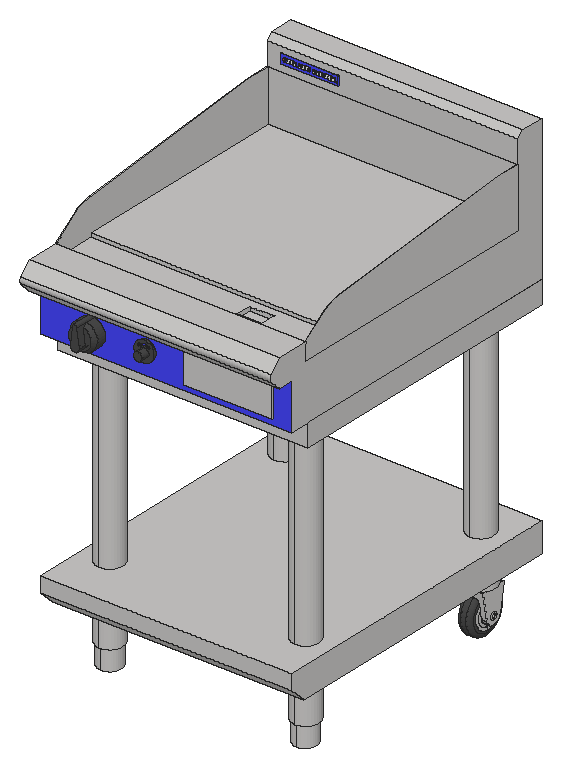
Revit family "QF_MOFFAT_BLUESEAL_CE_GP514-LS", category Specialty Equipment, Revit 2012
Parameters
  Weight in Pounds = 238  # constant formula
  URL Cutsheet = "www.moffat.com"
  URL = "www.moffat.com"
  Type Mark [instance] = ""
  Status [instance] = ""
  Specification by User [instance] = ""
  Specification by Manufacturer = ""
  Show Logo [instance] = yes
  Show Casters [instance] = yes
  Serial Number = ""
  Seismic Rating = ""
  SMACNA No = ""
  Revision Code [instance] = ""
  Omniclass Number and Title = ""
  NAFEM Spec ID Number = ""
  Model = "GP514-LS"
  Mechanical Remarks = ""
  Mechanical Connection Type = ""
  Masterspec = ""
  Manufacturer = "MOFFAT BLUESEAL"
  Legs [instance] = not(Show Casters)  # no
  Item Number [instance] = ""
  Installed By [instance] = ""
  Identify Quantity as Lot [instance] = yes
  Gas Size = 3/4"
  Gas RI Height [instance] = 0 mm
  Gas KW = 14.5
  Gas Input = 49300.0 Btu/h
  Gas Connection Height = 0 mm
  Furnished By [instance] = ""
  Foodservice Equipment Identifier [instance] = yes
  Description = "600MM GAS GRIDDLE PLATE ON LEG STAND"
  CSI MasterFormat = ""
  CSI Master Format = ""
  Base Height [instance] = 150 mm
Reference planes
  plane 1 "BACK": y = 0
  plane 2: z = 0
  plane 3 "LEFT": x = 0
  plane 4 "RIGHT": x = 600
  plane 5 "FRONT": y = -812
  plane 6 "TOP": z = 970
  plane 7 "Center Y": x = 300
  plane 8 "Center X": y = -406
  plane 9 "Base Height": z = 150
  plane 10: z = 915
  plane 11: y = -31
  plane 12: z = 710
  plane 13: z = 1085
  plane 14: y = -625
  plane 15: y = -100
  plane 16: x = 534.371
Forms (mm)
  Extrusion 1, solid, material "QF_Finishes_Stainless Steel"
    sketch origin (0, 0, 0) x (0, 1, 0) y (0, 0, 1)
      loop
        line (-749, 850) -> (-749, 740) -> (0, 740) -> (0, 1085) -> (-57.5, 1085) -> (-70, 1072.5) -> (-70, 875) -> (-705, 875) -> (-705, 915) -> (-783.97, 915) -> (-808.485, 890.485)
        arc (-808.485, 890.485) -> (-811.999, 882) -> (-808.485, 873.515) r 12
        line (-808.485, 873.515) -> (-784.97, 850) -> (-749, 850)
      loop
        line (0, 685) -> (0, 739.5) -> (-699, 739.5) -> (-699, 685) -> (0, 685)
      loop
        line (0, 222.5) -> (-749, 222.5) -> (-749, 186) -> (-713, 150) -> (0, 150) -> (0, 222.5)
    from 0 to 600
  Revolve 2, solid, material "QF_Finishes_Black"
    sketch origin (128.961, 7, 598.311) x (0, 1, 0) y (0, 0, -1)
      loop
        line (-789, -229.5) -> (-766, -229.5) -> (-766, -202) -> (-756, -202) -> (-756, -197) -> (-800, -197) -> (-800, -223.651) -> (-789, -229.5)
      axis (-800, -197) -> (-756, -197)
    angle from 0 to 360
  Extrusion 3, solid, material "QF_Finishes_Black"
    sketch origin (128.961, -759, 795.311) x (0, 0, 1) y (1, 0, 0)
      loop
        arc (32.192, -4.965) -> (37.079, 0.034) -> (32.192, 5.033) r 5
        line (32.192, 5.033) -> (-10.726, 10.453)
        arc (-10.726, 10.453) -> (-22.392, 0.618) -> (-11.893, -10.454) r 10.487
        line (-11.893, -10.454) -> (32.192, -4.965)
    from 0 to -49
  Extrusion 4, solid, material "QF_Finishes_Stainless Steel"
    sketch origin (0, 0, 222.5) x (0, -1, 0) y (1, 0, 0)
      loop
        circle (100, 65) r 31.75
      loop
        circle (625, 65) r 31.75
      loop
        circle (100, 534.371) r 31.75
      loop
        circle (625, 534.371) r 31.75
    from 0 to 462.5
  Revolve 5, solid, material "QF_Finishes_Stainless Steel", visible <- "Legs"
    sketch origin (65.5, -166, 0) x (0, 1, 0) y (0, 0, 1)
      loop
        line (34.25, 150) -> (34.25, 50) -> (38.5, 50) -> (38.5, 0) -> (66, 0) -> (66, 150) -> (34.25, 150)
      axis (66, 150) -> (66, 0)
    angle from 0 to 360
  Revolve 6, solid, material "QF_Finishes_Stainless Steel"
    sketch origin (65.5, -735, 0) x (0, 1, 0) y (0, 0, 1)
      loop
        line (78.25, 150) -> (78.25, 50) -> (82.5, 50) -> (82.5, 0) -> (110, 0) -> (110, 150) -> (78.25, 150)
      axis (110, 150) -> (110, 0)
    angle from 0 to 360
  Revolve 7, solid, material "QF_Finishes_Stainless Steel", visible <- "Legs"
    sketch origin (534.242, -166, 0) x (0, 1, 0) y (0, 0, -1)
      loop
        line (34.25, -150) -> (66, -150) -> (66, 0) -> (38.5, 0) -> (38.5, -50) -> (34.25, -50) -> (34.25, -150)
      axis (66, -150) -> (66, 0)
    angle from 0 to 360
  Revolve 8, solid, material "QF_Finishes_Stainless Steel"
    sketch origin (534.371, -728, 0) x (0, 1, 0) y (0, 0, -1)
      loop
        line (71.25, -150) -> (103, -150) -> (103, 0) -> (75.5, 0) -> (75.5, -50) -> (71.25, -50) -> (71.25, -150)
      axis (103, -150) -> (103, 0)
    angle from 0 to 360
  Revolve 9, solid, material "QF_Finishes_Stainless Steel", visible <- "Show Casters"
    sketch origin (16.276, -100.755, -13.653) x (1, 0, 0) y (0, 0, 1)
      loop
        line (14.841, 63.604) -> (83.584, 63.604) -> (83.584, 67.109) -> (82.314, 68.379) -> (80.79, 68.379) -> (80.79, 71.826) -> (68.644, 71.826) -> (68.644, 81.79) -> (65.088, 83.843) -> (63.738, 92.179) -> (65.881, 92.179) -> (65.881, 98.529) -> (65.088, 98.529) -> (65.088, 104.879)
        arc (65.088, 104.879) -> (62.298, 111.614) -> (55.563, 114.404) r 9.525
        line (55.563, 114.404) -> (42.863, 114.404)
        arc (42.863, 114.404) -> (36.127, 111.614) -> (33.338, 104.879) r 9.525
        line (33.338, 104.879) -> (33.338, 98.529) -> (32.544, 98.529) -> (32.544, 92.179) -> (34.687, 92.179) -> (33.352, 83.932) -> (29.782, 81.871) -> (29.782, 71.826) -> (17.635, 71.826) -> (17.635, 68.379) -> (16.111, 68.379) -> (14.841, 67.109) -> (14.841, 63.604)
      axis (14.841, 63.604) -> (83.584, 63.604)
    angle from 0 to 360
  Extrusion 10, solid, material "QF_Finishes_Stainless Steel", visible <- "Show Casters"
    sketch origin (72.001, 132.353, -8.783) x (0, 1, 0) y (0, 0, 1)
      loop
        line (-200.603, 118.783) -> (-264.103, 118.783) -> (-251.746, 53.895)
        arc (-251.746, 53.895) -> (-232.353, 38.783) -> (-212.959, 53.895) r 20
        line (-212.959, 53.895) -> (-200.603, 118.783)
    from -35.667 to 22.923
  Revolve 11, solid, material "QF_Finishes_Stainless Steel", visible <- "Show Casters"
    sketch origin (65.5, -204, 0) x (0, 1, 0) y (0, 0, 1)
      loop
        line (68.25, 150) -> (68.25, 110) -> (104, 110) -> (104, 150) -> (68.25, 150)
      axis (104, 150) -> (104, 110)
    angle from 0 to 360
  Revolve 12, solid, material "QF_Finishes_Stainless Steel", visible <- "Legs"
    sketch origin (65.5, -166, 0) x (0, 1, 0) y (0, 0, 1)
      loop
        line (34.25, 150) -> (34.25, 50) -> (38.5, 50) -> (38.5, 0) -> (66, 0) -> (66, 150) -> (34.25, 150)
      axis (66, 150) -> (66, 0)
    angle from 0 to 360
  Revolve 13, solid, material "QF_Finishes_Stainless Steel", visible <- "Show Casters"
    sketch origin (335.019, -100.755, -13.653) x (1, 0, 0) y (0, 0, 1)
      loop
        line (164.841, 63.604) -> (233.584, 63.604) -> (233.584, 67.109) -> (232.314, 68.379) -> (230.79, 68.379) -> (230.79, 71.826) -> (218.644, 71.826) -> (218.644, 81.79) -> (215.088, 83.843) -> (213.738, 92.179) -> (215.881, 92.179) -> (215.881, 98.529) -> (215.088, 98.529) -> (215.088, 104.879)
        arc (215.088, 104.879) -> (212.298, 111.614) -> (205.563, 114.404) r 9.525
        line (205.563, 114.404) -> (192.863, 114.404)
        arc (192.863, 114.404) -> (186.127, 111.614) -> (183.338, 104.879) r 9.525
        line (183.338, 104.879) -> (183.338, 98.529) -> (182.544, 98.529) -> (182.544, 92.179) -> (184.687, 92.179) -> (183.352, 83.932) -> (179.782, 81.871) -> (179.782, 71.826) -> (167.635, 71.826) -> (167.635, 68.379) -> (166.111, 68.379) -> (164.841, 67.109) -> (164.841, 63.604)
      axis (233.584, 63.604) -> (164.841, 63.604)
    angle from 0 to 360
  Extrusion 14, solid, material "QF_Finishes_Stainless Steel", visible <- "Show Casters"
    sketch origin (540.743, 132.353, -8.783) x (0, 1, 0) y (0, 0, 1)
      loop
        line (-200.603, 118.783) -> (-264.103, 118.783) -> (-251.746, 53.895)
        arc (-251.746, 53.895) -> (-232.353, 38.783) -> (-212.959, 53.895) r 20
        line (-212.959, 53.895) -> (-200.603, 118.783)
    from -35.667 to 22.923
  Revolve 15, solid, material "QF_Finishes_Stainless Steel", visible <- "Show Casters"
    sketch origin (534.242, -204, 0) x (0, 1, 0) y (0, 0, 1)
      loop
        line (68.25, 150) -> (68.25, 110) -> (104, 110) -> (104, 150) -> (68.25, 150)
      axis (104, 150) -> (104, 110)
    angle from 0 to 360
  Extrusion 16, solid, material "QF_Finishes_Black"
    sketch origin (-58.75, -749, 864.021) x (0, 0, -1) y (1, 0, 0)
      loop
        circle (70, 310) r 24
      loop
        arc (60.1, 324.913) -> (52.064, 310.125) -> (59.882, 295.219) r 17.868
        arc (59.882, 295.219) -> (60.362, 294.934) -> (60.877, 295.149) r 0.621
        arc (60.877, 295.149) -> (62.314, 297.708) -> (62.658, 300.622) r 7.495
        arc (62.658, 300.622) -> (62.454, 301.55) -> (62.006, 302.388) r 3.472
        arc (62.006, 302.388) -> (59.714, 309.851) -> (61.844, 317.362) r 13.786
        arc (61.844, 317.362) -> (62.484, 318.632) -> (62.749, 320.028) r 5.101
        arc (62.749, 320.028) -> (62.378, 322.547) -> (61.084, 324.739) r 6.611
        arc (61.084, 324.739) -> (60.622, 324.997) -> (60.1, 324.913) r 0.806
    from 0 to 5
  Extrusion 17, solid, material "QF_Finishes_Black"
    sketch origin (-58.75, -754, 864.021) x (0, 0, -1) y (1, 0, 0)
      loop
        circle (73.5, 310) r 10
    from 0 to 18.251
  Extrusion 18, solid, material "QF_Finishes_Stainless Steel"
    sketch origin (450, -749, 867.771) x (0, 0, -1) y (1, 0, 0)
      loop
        line (26.5, -105) -> (113.5, -105) -> (113.5, 105) -> (26.5, 105) -> (26.5, -105)
    from 0 to 2.5
  Extrusion 19, solid, material "QF_Finishes_Stainless Steel"
    sketch origin (450, 0, 1.771) x (0, -1, 0) y (0, 0, 1)
      loop
        line (751.5, 839.5) -> (751.5, 837) -> (769.695, 837) -> (769.695, 839.5) -> (751.5, 839.5)
    from -105 to 105
  Extrusion 20, solid, material "QF_Finishes_Stainless Steel"
    sketch origin (0, 0, 0) x (1, 0, 0) y (0, 1, 0)
      loop
        circle (470, -31) r 9.525
    from 655 to 685
Lines and regions (mm)
  Split face 1
    outline origin (0, -56.5, 1085) x (0, 1, 0) y (-1, 0, 0)
      loop
        arc (11.115, -264.794) -> (16.115, -273.455) -> (26.115, -273.455) r 10
        line (26.115, -273.455) -> (33.115, -269.413)
        arc (33.115, -269.413) -> (36.775, -265.753) -> (38.115, -260.753) r 10
        line (38.115, -260.753) -> (38.115, -32.794)
        arc (38.115, -32.794) -> (33.115, -24.134) -> (23.115, -24.134) r 10
        line (23.115, -24.134) -> (16.115, -28.176)
        arc (16.115, -28.176) -> (12.455, -31.836) -> (11.115, -36.836) r 10
        line (11.115, -36.836) -> (11.115, -264.794)
  Split face 2
    outline origin (0, -56.5, 1085) x (0, 1, 0) y (-1, 0, 0)
      loop
        arc (11.115, -564.794) -> (16.115, -573.455) -> (26.115, -573.455) r 10
        line (26.115, -573.455) -> (33.115, -569.413)
        arc (33.115, -569.413) -> (36.775, -565.753) -> (38.115, -560.753) r 10
        line (38.115, -560.753) -> (38.115, -332.794)
        arc (38.115, -332.794) -> (33.115, -324.134) -> (23.115, -324.134) r 10
        line (23.115, -324.134) -> (16.115, -328.176)
        arc (16.115, -328.176) -> (12.455, -331.836) -> (11.115, -336.836) r 10
        line (11.115, -336.836) -> (11.115, -564.794)
  symbolic lines, style "SpecialityEquipmentHiddenLines", visible <- "Show Casters"
    curve 1: line (78.456, -46.735, 0) -> (105.952, -62.61, 0)
    curve 2: line (27.656, -134.723, 0) -> (78.456, -46.735, 0)
    curve 3: line (55.152, -150.598, 0) -> (27.656, -134.723, 0)
    curve 4: line (105.952, -62.61, 0) -> (55.152, -150.598, 0)
    curve 12: line (547.198, -46.735, 0) -> (574.694, -62.61, 0)
    curve 13: line (496.398, -134.723, 0) -> (547.198, -46.735, 0)
    curve 14: line (523.894, -150.598, 0) -> (496.398, -134.723, 0)
    curve 15: line (574.694, -62.61, 0) -> (523.894, -150.598, 0)
  symbolic lines
    curve 5: line (0, -783.97, 0) -> (600, -783.97, 0)
    curve 6: line (0, 0, 0) -> (0, -811.999, 0)
    curve 7: line (600, -811.999, 0) -> (600, 0, 0)
    curve 8: line (600, -811.999, 0) -> (0, -811.999, 0)
    curve 9: line (0, -70, 0) -> (600, -70, 0)
    curve 10: line (0, -57.5, 0) -> (600, -57.5, 0)
    curve 11: line (600, 0, 0) -> (0, 0, 0)
    curve 16: line (260.753, -18.385, 0) -> (32.794, -18.385, 0)
    curve 17: arc (32.794, -18.385, 0) -> (24.134, -23.385, 0) -> (24.134, -33.385, 0) r 10
    curve 18: line (24.134, -33.385, 0) -> (28.176, -40.385, 0)
    curve 19: arc (28.176, -40.385, 0) -> (31.836, -44.045, 0) -> (36.836, -45.385, 0) r 10
    curve 20: line (36.836, -45.385, 0) -> (264.794, -45.385, 0)
    curve 21: arc (264.794, -45.385, 0) -> (273.455, -40.385, 0) -> (273.455, -30.385, 0) r 10
    curve 22: line (273.455, -30.385, 0) -> (269.413, -23.385, 0)
    curve 23: arc (269.413, -23.385, 0) -> (265.753, -19.725, 0) -> (260.753, -18.385, 0) r 10
    curve 24: line (332.794, -18.385, 0) -> (560.753, -18.385, 0)
    curve 25: arc (560.753, -18.385, 0) -> (565.753, -19.725, 0) -> (569.413, -23.385, 0) r 10
    curve 26: line (569.413, -23.385, 0) -> (573.455, -30.385, 0)
    curve 27: arc (573.455, -30.385, 0) -> (573.455, -40.385, 0) -> (564.794, -45.385, 0) r 10
    curve 28: line (564.794, -45.385, 0) -> (336.836, -45.385, 0)
    curve 29: arc (336.836, -45.385, 0) -> (331.836, -44.045, 0) -> (328.176, -40.385, 0) r 10
    curve 30: line (328.176, -40.385, 0) -> (324.134, -33.385, 0)
    curve 31: arc (324.134, -33.385, 0) -> (324.134, -23.385, 0) -> (332.794, -18.385, 0) r 10
Dimensions and locks
  equal spacing: plane 3 "LEFT", plane 7 "Center Y", plane 4 "RIGHT"
  plane 3 "LEFT" to plane 4 "RIGHT" = 600 mm
  equal spacing: plane 5 "FRONT", plane 8 "Center X", plane 1 "BACK"
  plane 5 "FRONT" to plane 1 "BACK" = 812 mm  (x2)
  equal spacing: plane 4 "RIGHT", plane 7 "Center Y", plane 3 "LEFT"
  plane 4 "RIGHT" to plane 3 "LEFT" = 600 mm
  "Base Height": plane 9 "Base Height" to level
  plane 6 "TOP" to level = 970 mm
  plane 10 to level = 915 mm
  plane 11 to plane 1 "BACK" = 31 mm
  plane 12 to level = 710 mm
  plane 13 to plane 2 = 1085 mm
  Revolve 9 sketch curve to Revolve 9 sketch curve = 50.8 mm
  Revolve 13 sketch curve to Revolve 13 sketch curve = 50.8 mm
  Extrusion 20 sketch curve to plane 4 "RIGHT" = 130 mm
  aligned and locked: level to plane 2
Automatic sketch dimensions
  plane 10 to Extrusion 1 sketch curve = 0 mm
  Extrusion 1 sketch curve to plane 9 "Base Height" = 0 mm
  plane 13 to Extrusion 1 sketch curve = 0 mm
  Extrusion 1 sketch curve to plane 1 "BACK" = 0 mm  (x3)
  Extrusion 1 sketch curve to plane 11 = 26.5 mm
  plane 13 to Extrusion 1 sketch curve = 12.5 mm
  Extrusion 1 sketch curve to Extrusion 1 sketch curve = 12.5 mm
  Extrusion 1 sketch curve to plane 12 = 25 mm
  Extrusion 1 sketch curve to plane 5 "FRONT" = 113 mm
  Extrusion 1 sketch curve to plane 5 "FRONT" = 107 mm
  Extrusion 1 sketch curve to plane 5 "FRONT" = 99 mm
  Extrusion 1 sketch curve to Extrusion 1 sketch curve = 44 mm
  Extrusion 1 sketch curve to Extrusion 1 sketch curve = 36 mm
  Extrusion 1 sketch curve to plane 5 "FRONT" = 28.03 mm
  Extrusion 1 sketch curve to plane 5 "FRONT" = 27.03 mm
  Extrusion 1 sketch curve to plane 5 "FRONT" = 12.001 mm
  Extrusion 1 sketch curve to plane 5 "FRONT" = 3.515 mm  (x2)
  plane 9 "Base Height" to Extrusion 1 sketch curve = 36 mm
  plane 9 "Base Height" to Extrusion 1 sketch curve = 72.5 mm
  plane 12 to Extrusion 1 sketch curve = 29.5 mm
  Extrusion 1 sketch curve to Extrusion 1 sketch curve = 0.5 mm
  plane 10 to Extrusion 1 sketch curve = 65 mm
  Extrusion 1 sketch curve to Extrusion 1 sketch curve = 23.515 mm
  plane 10 to Extrusion 1 sketch curve = 40 mm
  Extrusion 1 sketch curve to Extrusion 1 sketch curve = 8.485 mm
  Revolve 2 sketch curve to plane 5 "FRONT" = 19 mm
  Revolve 2 sketch curve to Revolve 2 sketch curve = 0 mm  (x2)
  Revolve 2 sketch curve to Revolve 2 sketch curve = 11 mm
  Revolve 2 sketch curve to Revolve 2 sketch curve = 12.7 mm
  Revolve 2 sketch curve to Revolve 2 sketch curve = 23 mm
  Revolve 2 sketch curve to Revolve 2 sketch curve = 10 mm
  plane 10 to Revolve 2 sketch curve = 87.189 mm
  Revolve 2 sketch curve to Revolve 2 sketch curve = 5.849 mm
  Revolve 2 sketch curve to Revolve 2 sketch curve = 27.5 mm
  Revolve 2 sketch curve to Revolve 2 sketch curve = 5 mm
  Extrusion 4 sketch curve to Extrusion 4 sketch curve = 0 mm  (x8)
  Extrusion 1 to Extrusion 4 sketch curve = 68.25 mm  (x2)
  Extrusion 4 sketch curve to Extrusion 4 sketch curve = 31.75 mm  (x4)
  Extrusion 4 sketch curve to Extrusion 1 = 155.75 mm  (x2)
  Extrusion 1 to Extrusion 4 sketch curve = 65 mm  (x2)
  Extrusion 1 to Extrusion 4 sketch curve = 65.629 mm  (x2)
  Revolve 5 sketch curve to plane 9 "Base Height" = 0 mm
  Revolve 5 sketch curve to level = 0 mm
  Revolve 5 sketch curve to plane 11 = 100.75 mm
  Revolve 5 sketch curve to Revolve 5 sketch curve = 4.25 mm
  Revolve 5 sketch curve to Revolve 5 sketch curve = 27.5 mm  (x2)
  Revolve 5 sketch curve to Revolve 5 sketch curve = 55 mm
  level to Revolve 5 sketch curve = 50 mm
  Revolve 5 sketch curve to Revolve 5 sketch curve = 0 mm
  Revolve 6 sketch curve to plane 9 "Base Height" = 0 mm
  Revolve 6 sketch curve to level = 0 mm
  level to Revolve 6 sketch curve = 50 mm
  Revolve 6 sketch curve to plane 5 "FRONT" = 155.25 mm
  Revolve 6 sketch curve to Revolve 6 sketch curve = 4.25 mm
  Revolve 6 sketch curve to Revolve 6 sketch curve = 27.5 mm  (x2)
  Revolve 6 sketch curve to Revolve 6 sketch curve = 55 mm
  Revolve 6 sketch curve to Revolve 6 sketch curve = 0 mm
  Revolve 7 sketch curve to plane 9 "Base Height" = 0 mm
  Revolve 7 sketch curve to level = 0 mm
  Revolve 7 sketch curve to plane 11 = 100.75 mm
  Revolve 7 sketch curve to Revolve 7 sketch curve = 4.25 mm
  Revolve 7 sketch curve to Revolve 7 sketch curve = 27.5 mm  (x2)
  level to Revolve 7 sketch curve = 50 mm
  Revolve 7 sketch curve to Revolve 7 sketch curve = 0 mm
  Revolve 7 sketch curve to Revolve 7 sketch curve = 55 mm
  Revolve 8 sketch curve to plane 9 "Base Height" = 0 mm
  Revolve 8 sketch curve to level = 0 mm
  level to Revolve 8 sketch curve = 50 mm
  Revolve 8 sketch curve to plane 5 "FRONT" = 155.25 mm
  Revolve 8 sketch curve to Revolve 8 sketch curve = 4.25 mm
  Revolve 8 sketch curve to Revolve 8 sketch curve = 27.5 mm  (x2)
  Revolve 8 sketch curve to Revolve 8 sketch curve = 0 mm
  Revolve 8 sketch curve to Revolve 8 sketch curve = 55 mm
  plane 3 "LEFT" to Revolve 9 sketch curve = 31.118 mm
  Revolve 9 sketch curve to Revolve 9 sketch curve = 1.27 mm  (x4)
  Revolve 9 sketch curve to Revolve 9 sketch curve = 1.524 mm  (x2)
  Revolve 9 sketch curve to Revolve 9 sketch curve = 12.146 mm  (x2)
  Revolve 9 sketch curve to Revolve 9 sketch curve = 2.762 mm
  Revolve 9 sketch curve to Revolve 9 sketch curve = 0.794 mm  (x2)
  Revolve 9 sketch curve to Revolve 9 sketch curve = 3.57 mm
  Revolve 9 sketch curve to Revolve 9 sketch curve = 2.143 mm
  Revolve 9 sketch curve to Revolve 9 sketch curve = 9.525 mm
  Revolve 9 sketch curve to Revolve 9 sketch curve = 24.572 mm
  Revolve 9 sketch curve to Revolve 9 sketch curve = 12.7 mm
  Revolve 9 sketch curve to Revolve 9 sketch curve = 8.176 mm
  Revolve 9 sketch curve to Revolve 9 sketch curve = 1.349 mm  (x2)
  Revolve 9 sketch curve to Revolve 9 sketch curve = 3.556 mm
  Revolve 9 sketch curve to Revolve 9 sketch curve = 33.32 mm
  level to Revolve 9 sketch curve = 49.952 mm
  Revolve 9 sketch curve to Revolve 9 sketch curve = 0 mm
  Revolve 9 sketch curve to Revolve 9 sketch curve = 3.505 mm  (x2)
  Revolve 9 sketch curve to Revolve 9 sketch curve = 3.447 mm  (x2)
  Revolve 9 sketch curve to Revolve 9 sketch curve = 9.964 mm
  Revolve 9 sketch curve to Revolve 9 sketch curve = 10.045 mm
  Revolve 9 sketch curve to Revolve 9 sketch curve = 2.053 mm
  Revolve 9 sketch curve to Revolve 9 sketch curve = 2.061 mm
  Revolve 9 sketch curve to Revolve 9 sketch curve = 8.247 mm
  Revolve 9 sketch curve to Revolve 9 sketch curve = 8.336 mm
  Revolve 9 sketch curve to Revolve 9 sketch curve = 6.35 mm  (x2)
  Extrusion 10 sketch curve to plane 9 "Base Height" = 40 mm
  Extrusion 10 sketch curve to plane 11 = 100.75 mm
  Extrusion 10 sketch curve to Extrusion 10 sketch curve = 12.357 mm
  Extrusion 10 sketch curve to Extrusion 10 sketch curve = 19.393 mm  (x2)
  level to Extrusion 10 sketch curve = 45.111 mm
  Extrusion 10 sketch curve to plane 11 = 37.25 mm
  Extrusion 10 sketch curve to Extrusion 10 sketch curve = 4.889 mm
  Revolve 11 sketch curve to plane 9 "Base Height" = 0 mm
  Revolve 11 sketch curve to plane 9 "Base Height" = 40 mm
  Revolve 11 sketch curve to plane 11 = 104.75 mm
  Revolve 11 sketch curve to plane 11 = 69 mm
  Revolve 11 sketch curve to Revolve 11 sketch curve = 35.75 mm
  level to Revolve 11 sketch curve = 50 mm
  Revolve 11 sketch curve to level = 55 mm
  Revolve 12 sketch curve to plane 9 "Base Height" = 0 mm
  Revolve 12 sketch curve to level = 0 mm
  Revolve 12 sketch curve to plane 11 = 100.75 mm
  Revolve 12 sketch curve to Revolve 12 sketch curve = 4.25 mm
  Revolve 12 sketch curve to Revolve 12 sketch curve = 27.5 mm  (x2)
  Revolve 12 sketch curve to level = 55 mm
  Revolve 12 sketch curve to Revolve 12 sketch curve = 50 mm
  Revolve 12 sketch curve to Revolve 12 sketch curve = 0 mm
  Revolve 13 sketch curve to Revolve 13 sketch curve = 1.27 mm  (x4)
  Revolve 13 sketch curve to Revolve 13 sketch curve = 1.524 mm  (x2)
  Revolve 13 sketch curve to Revolve 13 sketch curve = 12.146 mm  (x2)
  Revolve 13 sketch curve to Revolve 13 sketch curve = 2.762 mm
  Revolve 13 sketch curve to Revolve 13 sketch curve = 0.794 mm  (x2)
  Revolve 13 sketch curve to Revolve 13 sketch curve = 3.57 mm
  Revolve 13 sketch curve to Revolve 13 sketch curve = 2.143 mm
  Revolve 13 sketch curve to Revolve 13 sketch curve = 9.525 mm
  Revolve 13 sketch curve to Revolve 13 sketch curve = 24.572 mm
  Revolve 13 sketch curve to Revolve 13 sketch curve = 12.7 mm
  Revolve 13 sketch curve to Revolve 13 sketch curve = 8.176 mm
  Revolve 13 sketch curve to Revolve 13 sketch curve = 1.349 mm  (x2)
  Revolve 13 sketch curve to Revolve 13 sketch curve = 3.556 mm
  plane 4 "RIGHT" to Revolve 13 sketch curve = 148.077 mm
  level to Revolve 13 sketch curve = 49.952 mm
  Revolve 13 sketch curve to Revolve 13 sketch curve = 0 mm
  Revolve 13 sketch curve to Revolve 13 sketch curve = 3.505 mm  (x2)
  Revolve 13 sketch curve to Revolve 13 sketch curve = 3.447 mm  (x2)
  Revolve 13 sketch curve to Revolve 13 sketch curve = 9.964 mm
  Revolve 13 sketch curve to Revolve 13 sketch curve = 10.045 mm
  Revolve 13 sketch curve to Revolve 13 sketch curve = 2.053 mm
  Revolve 13 sketch curve to Revolve 13 sketch curve = 2.061 mm
  Revolve 13 sketch curve to Revolve 13 sketch curve = 8.247 mm
  Revolve 13 sketch curve to Revolve 13 sketch curve = 8.336 mm
  Revolve 13 sketch curve to Revolve 13 sketch curve = 6.35 mm  (x2)
  Extrusion 14 sketch curve to plane 9 "Base Height" = 40 mm
  Extrusion 14 sketch curve to plane 11 = 100.75 mm
  Extrusion 14 sketch curve to Extrusion 14 sketch curve = 12.357 mm
  Extrusion 14 sketch curve to Extrusion 14 sketch curve = 19.393 mm  (x2)
  level to Extrusion 14 sketch curve = 45.111 mm
  Extrusion 14 sketch curve to plane 11 = 37.25 mm
  Extrusion 14 sketch curve to Extrusion 14 sketch curve = 4.889 mm
  Revolve 15 sketch curve to plane 9 "Base Height" = 0 mm
  Revolve 15 sketch curve to plane 9 "Base Height" = 40 mm
  Revolve 15 sketch curve to plane 11 = 104.75 mm
  Revolve 15 sketch curve to plane 11 = 69 mm
  Revolve 15 sketch curve to Revolve 15 sketch curve = 35.75 mm
  level to Revolve 15 sketch curve = 50 mm
  Revolve 15 sketch curve to level = 55 mm
  Extrusion 3 sketch curve to Revolve 2 = 0.034 mm  (x2)
  Revolve 2 to Extrusion 3 sketch curve = 10.454 mm
  Extrusion 3 sketch curve to Extrusion 3 sketch curve = 0.028 mm
  Extrusion 3 sketch curve to Revolve 2 = 10.453 mm
  Extrusion 3 sketch curve to Extrusion 3 sketch curve = 44 mm
  Extrusion 3 sketch curve to Revolve 2 = 5.033 mm
  Extrusion 3 sketch curve to Extrusion 3 sketch curve = 0.113 mm
  Revolve 2 to Extrusion 3 sketch curve = 4.965 mm
  Extrusion 16 sketch curve to plane 7 "Center Y" = 58.723 mm
  plane 9 "Base Height" to Extrusion 16 sketch curve = 658.834 mm
  Extrusion 16 sketch curve to Extrusion 16 sketch curve = 0.958 mm
  Extrusion 16 sketch curve to Extrusion 16 sketch curve = 1.509 mm
  Extrusion 16 sketch curve to Extrusion 16 sketch curve = 4.01 mm
  Extrusion 16 sketch curve to Extrusion 16 sketch curve = 0.685 mm
  Extrusion 16 sketch curve to Extrusion 16 sketch curve = 2.447 mm
  Extrusion 16 sketch curve to Extrusion 16 sketch curve = 0.524 mm
  Extrusion 16 sketch curve to Extrusion 16 sketch curve = 0.381 mm
  Extrusion 16 sketch curve to Extrusion 16 sketch curve = 0.472 mm
  Extrusion 16 sketch curve to Extrusion 16 sketch curve = 0 mm  (x4)
  Extrusion 16 sketch curve to Extrusion 16 sketch curve = 0.602 mm
  Extrusion 16 sketch curve to Extrusion 16 sketch curve = 4.19 mm
  Extrusion 16 sketch curve to plane 7 "Center Y" = 56.362 mm
  Extrusion 16 sketch curve to Extrusion 16 sketch curve = 2.809 mm
  Extrusion 16 sketch curve to plane 7 "Center Y" = 58.128 mm
  Extrusion 16 sketch curve to Extrusion 16 sketch curve = 0.652 mm
  Extrusion 16 sketch curve to Extrusion 16 sketch curve = 0.905 mm
  Extrusion 16 sketch curve to Extrusion 16 sketch curve = 8.087 mm
  Extrusion 16 sketch curve to Extrusion 16 sketch curve = 0.069 mm
  Extrusion 16 sketch curve to Extrusion 16 sketch curve = 3.5 mm
  Extrusion 16 sketch curve to plane 7 "Center Y" = 48.757 mm
  Extrusion 16 sketch curve to Extrusion 16 sketch curve = 0.007 mm
  plane 4 "RIGHT" to Extrusion 18 sketch curve = 45 mm
  plane 9 "Base Height" to Extrusion 18 sketch curve = 691.271 mm
  plane 9 "Base Height" to Extrusion 18 sketch curve = 604.271 mm
  plane 7 "Center Y" to Extrusion 18 sketch curve = 45 mm
  Extrusion 19 sketch curve to plane 5 "FRONT" = 60.5 mm
  Extrusion 19 sketch curve to Extrusion 19 sketch curve = 18.195 mm
  plane 9 "Base Height" to Extrusion 19 sketch curve = 688.771 mm
  Extrusion 19 sketch curve to Extrusion 19 sketch curve = 2.5 mm
  Extrusion 20 sketch curve to plane 11 = 0 mm
  curve 5 to plane 3 "LEFT" = 0 mm
  plane 1 "BACK" to curve 11 = 0 mm
  curve 11 to plane 4 "RIGHT" = 0 mm
  plane 3 "LEFT" to curve 2 = 27.656 mm
  curve 2 to curve 3 = 27.496 mm
  curve 1 to plane 11 = 15.735 mm
  plane 15 to curve 14 = 34.723 mm
  plane 4 "RIGHT" to curve 14 = 103.602 mm
  plane 15 to curve 14 = 50.598 mm
  curve 13 to curve 14 = 27.496 mm
  curve 13 to plane 11 = 15.735 mm
  plane 15 to curve 4 = 50.598 mm
  curve 5 to plane 5 "FRONT" = 28.03 mm
  curve 8 to plane 5 "FRONT" = 0.001 mm
  curve 9 to plane 15 = 30 mm
  curve 9 to curve 10 = 12.5 mm
  Revolve 13 sketch curve to Revolve 13 sketch curve = 47.937 mm
  plane 3 "LEFT" to curve 2 = 78.456 mm
  Split face 1 sketch curve to Extrusion 1 = 12.115 mm
  Split face 1 sketch curve to Split face 1 sketch curve = 5 mm  (x3)
  Split face 1 sketch curve to Split face 1 sketch curve = 10 mm  (x2)
  Split face 1 sketch curve to Split face 1 sketch curve = 7 mm  (x4)
  Split face 1 sketch curve to Extrusion 1 = 326.545 mm
  Split face 1 sketch curve to Split face 1 sketch curve = 4.041 mm  (x2)
  Split face 1 sketch curve to Extrusion 1 = 563.164 mm
  Split face 2 sketch curve to Extrusion 1 = 12.115 mm
  Split face 2 sketch curve to Split face 2 sketch curve = 5 mm  (x3)
  Split face 2 sketch curve to Split face 2 sketch curve = 10 mm  (x2)
  Split face 2 sketch curve to Split face 2 sketch curve = 7 mm  (x4)
  Split face 2 sketch curve to Extrusion 1 = 26.545 mm
  Split face 2 sketch curve to Split face 2 sketch curve = 4.041 mm  (x2)
  Split face 2 sketch curve to Split face 2 sketch curve = 223.917 mm
  curve 17 to plane 11 = 2.385 mm
  plane 3 "LEFT" to curve 17 = 24.134 mm
  curve 18 to plane 11 = 9.385 mm
  curve 18 to curve 18 = 4.041 mm
  plane 11 to curve 17 = 2.615 mm
  curve 17 to curve 17 = 8.66 mm
  curve 17 to curve 19 = 4.041 mm
  curve 23 to plane 7 "Center Y" = 39.247 mm
  curve 23 to curve 20 = 4.041 mm
  plane 11 to curve 22 = 7.615 mm
  curve 23 to curve 22 = 8.66 mm
  plane 11 to curve 22 = 0.615 mm
  curve 23 to curve 22 = 4.041 mm
  curve 21 to plane 11 = 14.385 mm
  curve 31 to plane 11 = 2.385 mm
  plane 7 "Center Y" to curve 31 = 24.134 mm
  curve 30 to plane 11 = 9.385 mm
  curve 31 to curve 30 = 4.041 mm
  plane 11 to curve 31 = 12.615 mm
  curve 31 to curve 31 = 8.66 mm
  curve 29 to curve 28 = 8.66 mm
  curve 24 to plane 16 = 26.382 mm
  curve 27 to plane 11 = 4.385 mm
  curve 25 to curve 27 = 4.041 mm  (x2)
  plane 11 to curve 26 = 7.615 mm
  curve 24 to curve 26 = 8.66 mm
  plane 11 to curve 27 = 0.615 mm
  radius of Extrusion 16 sketch curve = 24 mm
  radius of Extrusion 17 sketch curve to Extrusion 16 = 3.786 mm
  radius of Extrusion 20 sketch curve = 9.525 mm
Nested families
  nested 1: "WALDORF LOGO_FACE BASE" at (32, -70, 1057.475) x (1, 0, 0) z (0, -1, 0), visible <- "Show Logo", type "WALDORF LOGO_FACE BASE", detail levels medium+fine
    with Show Logo yes
  nested 2: "GAS GRIDDLE 600" at (0, -70, 874.5), type "GAS GRIDDLE 600"
    with Width 600 mm, Type Mark "", Status "", Specification by User "", Show Clearance yes, Revision Code "", Number of Poles 1, Mechanical Remarks "", Mechanical Connection Type "", Item Number "", Installed By "", Identify Quantity as Lot yes, Gas RI Height 0 mm, Gas KW 0, Gas Input 0.0 Btu/h, Furnished By "", Foodservice Equipment Identifier yes, Electrical Remarks "", Electric Connection Type "", Elec Conn RI Height 0 mm, Elec Conn Connection Height 0 mm, Depth 635 mm
Connectors
  piping at (470, -31, 655)
    settings: on Extrusion 20, index 1, connector radius 0.37402", flow factor 0, pipe flow 0 GPM, pressure drop 0.00 psi, fitting loss kfactor 0, connector angle 0.00°, fixture units 0, engagement length 0 mm, flow configuration 1, flow direction 1, fitting loss method 0, system type 7, joint type 0, gender type 0, connector reference index -1, connector utility 0, adjustable connector no, is connector primary yes, fitting loss table "", connector description "GAS CONNECTION"
Definition of nested family "WALDORF LOGO_FACE BASE"
  Parameters (values of type "WALDORF LOGO_FACE BASE")
    Show Logo [instance] = yes
    Default Elevation = 1219.2 mm
  Reference planes
    plane 1 "Center (Front/Back)": y = 0
    plane 2: z = 0
    plane 3 "Center (Left/Right)": x = 0
  Forms (mm)
    Extrusion 1, solid
      sketch origin (0, 0, 0) x (1, 0, 0) y (0, 1, 0)
        loop
          line (-1219.2, 1219.2) -> (-1219.2, -1219.2) -> (1219.2, -1219.2) -> (1219.2, 1219.2) -> (-1219.2, 1219.2)
      from 0 to -304.8
    Extrusion 2, solid, material "QF_Finishes_Blue", visible <- "Show Logo"
      sketch origin (0, -33.217, 0) x (1, 0, 0) y (0, 1, 0)
        loop
          arc (138, 31.942) -> (137.626, 32.844) -> (136.724, 33.217) r 1.276
          line (136.724, 33.217) -> (1.29, 33.217)
          arc (1.29, 33.217) -> (0.378, 32.839) -> (0, 31.927) r 1.29
          line (0, 31.927) -> (0, 11.507)
          arc (0, 11.507) -> (0.378, 10.595) -> (1.29, 10.217) r 1.29
          line (1.29, 10.217) -> (136.71, 10.217)
          arc (136.71, 10.217) -> (137.622, 10.595) -> (138, 11.507) r 1.29
          line (138, 11.507) -> (138, 31.942)
      from 0 to 1.588
    Extrusion 3, solid, material "QF_Finishes_White", visible <- "Show Logo"
      sketch origin (0, -33.217, 1.588) x (1, 0, 0) y (0, 1, 0)
        loop
          arc (108.946, 25.919) -> (107.613, 25.367) -> (107.061, 24.034) r 1.885
          line (107.061, 24.034) -> (107.061, 17.211) -> (112.704, 17.211) -> (112.704, 19.129) -> (115.546, 19.129) -> (115.546, 17.211) -> (121.584, 17.211) -> (121.584, 24.075)
          arc (121.584, 24.075) -> (121.043, 25.379) -> (119.739, 25.919) r 1.845
          line (119.739, 25.919) -> (108.946, 25.919)
        loop
          line (123.478, 25.919) -> (123.478, 17.163) -> (134.904, 17.163) -> (134.904, 19.129) -> (129.246, 19.129) -> (129.246, 25.919) -> (123.478, 25.919)
        loop
          line (112.704, 21.258) -> (115.546, 21.258) -> (115.546, 22.702)
          arc (115.546, 22.702) -> (115.344, 23.188) -> (114.858, 23.389) r 0.687
          line (114.858, 23.389) -> (113.363, 23.389)
          arc (113.363, 23.389) -> (112.897, 23.196) -> (112.704, 22.73) r 0.658
          line (112.704, 22.73) -> (112.704, 21.258)
        loop
          line (105.071, 25.919) -> (93.771, 25.919) -> (93.771, 17.163) -> (105.071, 17.163) -> (105.071, 19.063) -> (99.535, 19.063) -> (99.535, 20.437) -> (105.071, 20.437) -> (105.071, 22.278) -> (99.535, 22.278) -> (99.535, 23.587) -> (105.071, 23.587) -> (105.071, 25.919)
        loop
          line (91.104, 25.919) -> (79.541, 25.919)
          arc (79.541, 25.919) -> (78.558, 25.513) -> (78.152, 24.53) r 1.389
          line (78.152, 24.53) -> (78.152, 22.08)
          arc (78.152, 22.08) -> (78.558, 21.098) -> (79.541, 20.691) r 1.389
          line (79.541, 20.691) -> (86.346, 20.691) -> (86.346, 18.864) -> (83.266, 18.864) -> (83.266, 19.664) -> (78.152, 19.664) -> (78.152, 18.553)
          arc (78.152, 18.553) -> (78.558, 17.57) -> (79.541, 17.163) r 1.389
          line (79.541, 17.163) -> (91.063, 17.163)
          arc (91.063, 17.163) -> (92.045, 17.57) -> (92.452, 18.553) r 1.389
          line (92.452, 18.553) -> (92.452, 20.691)
          arc (92.452, 20.691) -> (92.045, 21.673) -> (91.063, 22.08) r 1.389
          line (91.063, 22.08) -> (83.266, 22.08) -> (83.266, 23.984) -> (86.346, 23.984) -> (86.346, 22.743) -> (92.452, 22.743) -> (92.452, 24.571)
          arc (92.452, 24.571) -> (92.057, 25.524) -> (91.104, 25.919) r 1.348
        loop
          line (70.705, 25.919) -> (59.405, 25.919) -> (59.405, 17.163) -> (70.705, 17.163) -> (70.705, 19.063) -> (65.169, 19.063) -> (65.169, 20.437) -> (70.705, 20.437) -> (70.705, 22.278) -> (65.169, 22.278) -> (65.169, 23.587) -> (70.705, 23.587) -> (70.705, 25.919)
        loop
          line (57.598, 25.919) -> (51.7, 25.919) -> (51.7, 20.18)
          arc (51.7, 20.18) -> (50.63, 19.11) -> (49.56, 20.18) r 1.07
          line (49.56, 20.18) -> (49.56, 25.919) -> (43.663, 25.919) -> (43.663, 19.049)
          arc (43.663, 19.049) -> (44.215, 17.716) -> (45.548, 17.163) r 1.885
          line (45.548, 17.163) -> (55.71, 17.163)
          arc (55.71, 17.163) -> (57.045, 17.716) -> (57.598, 19.051) r 1.887
          line (57.598, 19.051) -> (57.598, 25.919)
        loop
          line (31.62, 25.919) -> (31.62, 17.163) -> (43.046, 17.163) -> (43.046, 19.129) -> (37.388, 19.129) -> (37.388, 25.919) -> (31.62, 25.919)
        loop
          line (15.969, 25.919) -> (15.969, 17.163) -> (28.693, 17.163)
          arc (28.693, 17.163) -> (29.812, 17.627) -> (30.276, 18.746) r 1.582
          line (30.276, 18.746) -> (30.276, 20.447) -> (29.48, 21.243) -> (30.276, 22.039) -> (30.276, 24.332)
          arc (30.276, 24.332) -> (29.811, 25.454) -> (28.688, 25.919) r 1.587
          line (28.688, 25.919) -> (15.969, 25.919)
        loop
          line (21.449, 24.159) -> (21.449, 22.436) -> (23.862, 22.436)
          arc (23.862, 22.436) -> (24.723, 23.298) -> (23.862, 24.159) r 0.861
          line (23.862, 24.159) -> (21.449, 24.159)
        loop
          line (21.449, 20.244) -> (21.449, 18.522) -> (23.862, 18.522)
          arc (23.862, 18.522) -> (24.723, 19.383) -> (23.862, 20.244) r 0.861
          line (23.862, 20.244) -> (21.449, 20.244)
      from 0 to 0.2
    Extrusion 4, solid, material "QF_Finishes_Blue", visible <- "Show Logo"
      sketch origin (-126.498, -31.09, 1.588) x (1, 0, 0) y (0, 1, 0)
        loop
          line (136.738, 23.522) -> (136.738, 15.1)
          arc (136.738, 15.1) -> (140.756, 19.311) -> (136.738, 23.522) r 4.216
      from 0 to 0.2
    Extrusion 5, solid, material "QF_Finishes_Red", visible <- "Show Logo"
      sketch origin (146.849, -31.09, 1.588) x (-1, 0, 0) y (0, -1, 0)
        loop
          arc (136.738, -23.522) -> (140.756, -19.311) -> (136.738, -15.1) r 4.216
          line (136.738, -15.1) -> (136.738, -23.522)
      from 0 to 0.2
  Lines and regions (mm)
    Split face 1
      outline origin (-90.35, -30.793, 1.588) x (1, 0, 0) y (0, 1, 0)
        loop
          circle (100.54, 19.013) r 4.536
  Dimensions and locks
    aligned and locked: plane 2 to Extrusion 1
    aligned and locked: level to Extrusion 1
Definition of nested family "GAS GRIDDLE 600"
  Parameters (values of type "GAS GRIDDLE 600")
    Width [instance] = 600 mm
    Weight in Pounds = 0
    Watts = 0 W
    Volts = 0 V
    URL Cutsheet = ""
    Type Mark [instance] = ""
    Status [instance] = ""
    Specification by User [instance] = ""
    Specification by Manufacturer = ""
    Show Clearance [instance] = yes
    Serial Number = ""
    Seismic Rating = ""
    SMACNA No = ""
    Revision Code [instance] = ""
    Phase = 1
    Omniclass Number and Title = ""
    Number of Poles [instance] = 1
    NAFEM Spec ID Number = ""
    Min Ckt Ampacity = 0 A
    Mechanical Remarks [instance] = ""
    Mechanical Connection Type [instance] = ""
    Max Overcurrent Protection = 0 A
    Masterspec = ""
    Item Number [instance] = ""
    Installed By [instance] = ""
    Identify Quantity as Lot [instance] = yes
    HP = ""
    Gas Size = 0"
    Gas RI Height [instance] = 0 mm
    Gas KW [instance] = 0
    Gas Input [instance] = 0.0 Btu/h
    Gas Connection Height = 0 mm
    Furnished By [instance] = ""
    Foodservice Equipment Identifier [instance] = yes
    FL Amps = 0 A
    Electrical Remarks [instance] = ""
    Electric Connection Type [instance] = ""
    Elec Conn RI Height [instance] = 0 mm
    Elec Conn Connection Height [instance] = 0 mm
    Depth [instance] = 635 mm
    Cycle = 0 Hz
    Conn Plug = ""
    Conn Conduit = yes
    CSI MasterFormat = ""
    CSI Master Format = ""
    Apparent Power = if(Phase = 3, Volts * FL Amps * 1.73, Volts * FL Amps)  # 0 VA
  Reference planes
    plane 1 "BACK": y = 0
    plane 2: z = 0
    plane 3 "LEFT": x = 0
    plane 4 "RIGHT": x = 600
    plane 5 "FRONT": y = -635
    plane 6 "TOP": z = 142.5
    plane 7 "Center Y": x = 300
    plane 8 "Center X": y = -317.5
    plane 9: y = -530.997
    plane 10: y = -541.497
    plane 11: y = -503.25
    plane 12: y = -557.737
  Forms (mm)
    Extrusion 1, solid, material "QF_Finishes_Stainless Steel"
      sketch origin (0, 70.003, -874.5) x (0, 1, 0) y (0, 0, 1)
        loop
          line (-70, 875) -> (-70, 1017) -> (-127.048, 1017) -> (-604.533, 971.023)
          arc (-604.533, 971.023) -> (-629.56, 965.303) -> (-652.306, 953.399) r 100
          line (-652.306, 953.399) -> (-705.003, 916.5) -> (-705.003, 875) -> (-70, 875)
      from 0 to 1.8
    Extrusion 2, solid, material "QF_Finishes_Stainless Steel"
      sketch origin (600, 70.003, -874.5) x (0, -1, 0) y (0, 0, 1)
        loop
          line (70, 875) -> (705.003, 875) -> (705.003, 916.5) -> (652.306, 953.399)
          arc (652.306, 953.399) -> (629.56, 965.303) -> (604.533, 971.023) r 100
          line (604.533, 971.023) -> (127.048, 1017) -> (70, 1017) -> (70, 875)
      from 0 to 1.2
    Extrusion 3, solid, material "QF_Finishes_Stainless Steel"
      sketch origin (150, 70.003, -874.5) x (0, 1, 0) y (0, 0, 1)
        loop
          line (-70.003, 894) -> (-602.103, 894) -> (-602.103, 884.5) -> (-683.795, 884.5) -> (-683.795, 895) -> (-705.003, 895) -> (-705.003, 875) -> (-70.003, 875) -> (-70.003, 894)
      from -148.2 to 448.8
    Extrusion 4, void
      sketch origin (150, -561.497, 10) x (0, -1, 0) y (1, 0, 0)
        loop
          line (-9.205, 249.25) -> (29.295, 249.25) -> (29.295, 309.25) -> (-9.205, 309.25) -> (-9.205, 249.25)
      from -41.4 to 40.142
    Extrusion 5, solid, material "QF_Finishes_Stainless Steel"
      sketch origin (0, 0, 0) x (1, 0, 0) y (0, 1, 0)
        loop
          line (1.8, 0) -> (1.8, -1.2) -> (598.8, -1.2) -> (598.8, 0) -> (1.8, 0)
      from 19.5 to 142.5
  Cuts and joins
    Extrusion 4 cuts Extrusion 3
    joined: Extrusion 1, Extrusion 2, Extrusion 3
  Lines and regions (mm)
    symbolic lines
      curve 1: line (600, -532.1, 0) -> (0, -532.1, 0)
      curve 2: line (0, -613.792, 0) -> (600, -613.792, 0)
      curve 3: line (0, 0, 0) -> (600, 0, 0)
      curve 4: line (600, 0, 0) -> (600, -635, 0)
      curve 5: line (0, -635, 0) -> (0, 0, 0)
      curve 6: line (0, -635, 0) -> (600, -635, 0)
      curve 7: line (399.25, -552.292, 0) -> (459.25, -552.292, 0)
      curve 8: line (399.25, -590.792, 0) -> (399.25, -552.292, 0)
      curve 9: line (459.25, -590.792, 0) -> (399.25, -590.792, 0)
      curve 10: line (459.25, -552.292, 0) -> (459.25, -590.792, 0)
  Dimensions and locks
    equal spacing: plane 3 "LEFT", plane 7 "Center Y", plane 4 "RIGHT"
    "Width": plane 3 "LEFT" to plane 4 "RIGHT"
    equal spacing: plane 5 "FRONT", plane 8 "Center X", plane 1 "BACK"
    "Depth": plane 5 "FRONT" to plane 1 "BACK"
    locked: Extrusion 2 to Extrusion 2 at 1.2
    aligned and locked: level to plane 2
    aligned and locked: Extrusion 2 to plane 4 "RIGHT"
    aligned and locked: cut or joined group of Extrusion 1, Extrusion 2, Extrusion 3, Extrusion 4 to cut or joined group of Extrusion 1, Extrusion 2, Extrusion 3, Extrusion 4
  Automatic sketch dimensions
    Extrusion 1 sketch curve to plane 5 "FRONT" = 0 mm
    Extrusion 1 sketch curve to plane 6 "TOP" = 0 mm
    plane 12 to Extrusion 1 sketch curve = 24.566 mm
    Extrusion 1 sketch curve to plane 12 = 23.207 mm
    Extrusion 1 sketch curve to level = 3.016 mm
    plane 11 to Extrusion 1 sketch curve = 21.695 mm
    plane 1 "BACK" to Extrusion 1 sketch curve = 57.045 mm
    Extrusion 1 sketch curve to plane 1 "BACK" = 0.003 mm
    level to Extrusion 1 sketch curve = 0.5 mm
    Extrusion 1 sketch curve to Extrusion 1 sketch curve = 41.5 mm
    Extrusion 1 sketch curve to plane 6 "TOP" = 63.601 mm
    Extrusion 2 sketch curve to plane 6 "TOP" = 0 mm
    Extrusion 2 sketch curve to plane 5 "FRONT" = 0 mm
    plane 12 to Extrusion 2 sketch curve = 24.566 mm
    Extrusion 2 sketch curve to plane 12 = 23.207 mm
    Extrusion 2 sketch curve to level = 3.016 mm
    plane 11 to Extrusion 2 sketch curve = 21.695 mm
    plane 1 "BACK" to Extrusion 2 sketch curve = 57.045 mm
    Extrusion 2 sketch curve to plane 1 "BACK" = 0.003 mm
    level to Extrusion 2 sketch curve = 0.5 mm
    Extrusion 2 sketch curve to Extrusion 2 sketch curve = 41.5 mm
    Extrusion 2 sketch curve to plane 6 "TOP" = 63.601 mm
    Extrusion 3 sketch curve to plane 5 "FRONT" = 0 mm
    Extrusion 3 sketch curve to plane 1 "BACK" = 0 mm
    level to Extrusion 3 sketch curve = 10 mm
    Extrusion 3 sketch curve to plane 5 "FRONT" = 21.208 mm
    plane 9 to Extrusion 3 sketch curve = 1.103 mm
    level to Extrusion 3 sketch curve = 0.5 mm
    Extrusion 3 sketch curve to Extrusion 3 sketch curve = 10.5 mm
    Extrusion 3 sketch curve to Extrusion 3 sketch curve = 9.5 mm
    Extrusion 4 sketch curve to plane 12 = 5.445 mm
    plane 12 to Extrusion 4 sketch curve = 33.055 mm
    plane 7 "Center Y" to Extrusion 4 sketch curve = 99.25 mm
    Extrusion 4 sketch curve to Extrusion 4 sketch curve = 60 mm
    plane 1 "BACK" to Extrusion 5 sketch curve = 0 mm
    plane 3 "LEFT" to Extrusion 5 sketch curve = 1.8 mm
    plane 4 "RIGHT" to Extrusion 5 sketch curve = 1.2 mm
    Extrusion 5 sketch curve to Extrusion 5 sketch curve = 1.2 mm
    curve 6 to plane 3 "LEFT" = 0 mm
    curve 4 to plane 4 "RIGHT" = 0 mm
    plane 5 "FRONT" to curve 6 = 0 mm
    plane 1 "BACK" to curve 3 = 0 mm
    curve 8 to plane 12 = 5.445 mm
    plane 7 "Center Y" to curve 8 = 99.25 mm
    curve 7 to curve 10 = 60 mm
    curve 2 to plane 5 "FRONT" = 21.208 mm
    plane 12 to curve 9 = 33.055 mm
    curve 1 to plane 12 = 25.637 mm
